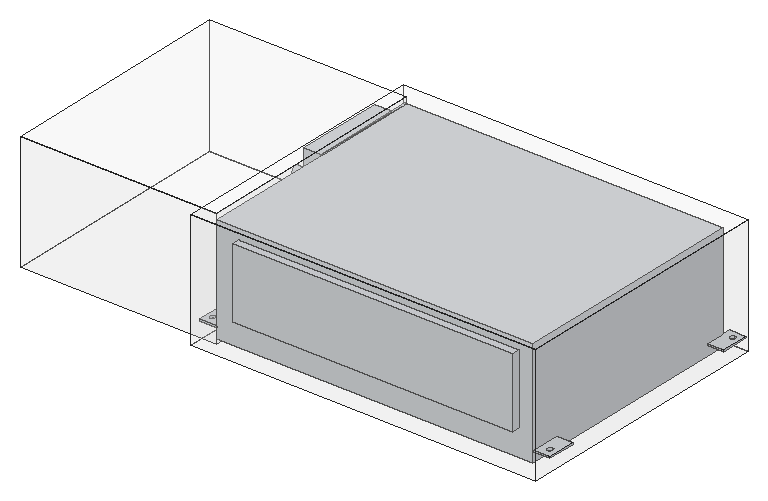
Revit family "pefy-mp140_280m-f_60Hz", category 機械設備, Revit 2019
Family settings
  丸型コネクタ寸法 = 直径を使用
  パーツ タイプ = 標準
  OmniClass 番号 = 23.75.10.24.21.27.27
  OmniClass タイトル = Split System Air Conditioning Units
  作業面ベース = いいえ
  常に垂直 = はい
  ロード時にボイドで切り取り = いいえ
  共有 = いいえ
  部屋計算ポイント = はい
Parameters (values of type "PEFY-MP140M-F")
  風量（弱）（m3／min） = 14
  風量（m3／min） = 18
  風量 = MAX風量  # 1080.0 m³/h
  音響パワーレベル（弱）(dB) = 61
  音響パワーレベル(dB) = 68
  電源種別 = ""
  電源_H = 0 mm
  電圧_電気ヒーター = 0 V
  電圧 = 200 V
  電動機出力_送風機 = 0.244 kW
  運転質量 = 0.00 kg
  連動 = ""
  質量 = if(製品質量 > 運転質量, 製品質量, 運転質量) * 1.2  # 58.80 kg
  負荷分類 = 3_ファン類
  説明 = "ビル用マルチエアコン　天井埋込形オールフレッシュ　室内機"
  設計暖房能力 = 0.00 kW
  設計冷房能力_顕熱 = 0 kW
  設計冷房能力 = 0 kW
  設置方法 = "天井吊（隠ぺい）形"
  記号 = ""
  製造元 = "三菱電機株式会社"
  製品質量 = 49.00 kg
  製品出荷対象 = "国内"
  製品リリース年月 = "2025/7/31"
  製品グループ = ""
  系統 = ""
  符号 = "ACP_CID"
  積算_科目 = "1 空気調和設備"
  積算_拾い区分 [instance] = ""
  相_電気ヒーター = 1
  相 = 1
  盤記号 = ""
  発停方法 = "付属スイッチ"
  特殊仕様 = ""
  点検口離隔 [instance] = if(点検口離隔入力値 > 200 mm, 200 mm, if(点検口離隔入力値 < 150 mm, 150 mm, 点検口離隔入力値))  # 150 mm
  点検口離隔入力値 [instance] = 150 mm
  点検口設置範囲 = 700 mm
  点検口位置 = 200 mm
  点検口 = yes
  火災停止 = ""
  消費電力_電気ヒーター = 0.00 kW
  消費電力_暖房 = 0.12 kW
  消費電力_加湿器 = 0.00 kW
  消費電力_冷房 = 0.14 kW
  消費電力 = if(消費電力_冷房 > 消費電力_暖房, 消費電力_冷房, 消費電力_暖房) + 消費電力_加湿器 + 消費電力_電気ヒーター  # 0.14 kW
  法定耐用年数 = "15"
  機外静圧 = 130.0 Pa
  極数 = 2
  材質 = ""
  本体マテリアル = none
  有効加湿量 = 0
  暖房能力 = 8.90 kW
  形式_加湿器 = ""
  形式 = "天井吊（隠ぺい）形（両ダクト形）"
  幹線記号 = ""
  始動方式 = "直入"
  呼称 = "室内機_天井吊（隠ぺい）形（両ダクト形）"
  周波数 = 60 Hz
  吊り幅 = if(Depth = 900 mm, 60 mm, 60 mm)  # 60 mm
  吊り位置Y = 814 mm
  吊り位置X = 1204 mm
  吊りボルト_H = 41 mm  # constant formula
  台数_手元リモコン = ""
  台数_冷媒分岐ユニット = ""
  参照している仕様書等のバージョン = "公共建築工事標準仕様書（機械設備工事編）平成31年度版"
  加湿給水管径 = 0.00 mm
  分類コード = "50053003221070"
  分類グループ = ""
  冷房能力 = 14 kW
  冷媒高低圧ガス管径 = 0.00 mm
  冷媒管径符号 = "Bd"
  冷媒管径 = 100.00 mm
  冷媒液管径 = 9.52 mm
  冷媒液管_縦 = 58 mm
  冷媒液管_横 = 69 mm
  冷媒ガス管径 = 15.88 mm
  冷媒ガス管_縦 = 143 mm
  冷媒ガス管_横 = 186 mm
  企業コード = "108420"
  付属品_フィルター = ""
  付属品 = ""
  仕様書バージョン = "Version1.0"
  モデル = "PEFY-MP140M-F"
  ドレン管径 = 32.00 mm
  ドレン管_縦 = 327 mm
  ドレン管_横 = 431 mm
  サービススペース = yes
  コメント [instance] = ""
  ケーブル種類 = ""
  ケーブルサイズ = 0 mm
  Width = 1195 mm
  Version = ""
  Uniclass2015Version = "Systems v1.9"
  Uniclass2015Title = "Split coil remote air cooled condensing units"
  Uniclass2015Code = "Pr_70_65_03_84"
  URL = "https://www.mitsubishielectric.co.jp/ldg/wink/qr/002/341455/"
  SpecificationReference = ""
  SpecificationDescription = ""
  S_H = Height + 20 mm  # 400 mm
  SAサイズ_W = 1000 mm
  SAサイズ_D = 250 mm
  Revision = ""
  RAサイズ_W = 1050 mm
  RAサイズ_D = 340 mm
  ProductInformation = ""
  OmniClassCode = "23-33 17 13 11"
  MIN風量 = 風量（弱）（m3／min） * 60.0 m³/h  # 840.0 m³/h
  MAX風量 = 風量（m3／min） * 60.0 m³/h  # 1080.0 m³/h
  IfcTypeProduct = ""
  IfcProduct = ""
  IfcExportType = "AIRCONDITIONINGUNIT"
  IfcExportAs = "IfcUnitaryEquipmentType"
  Height = 380 mm
  Depth = 900 mm
  Clearance Top = 20 mm  # constant formula
  Clearance Right = 50 mm  # constant formula
  Clearance Left = if(Width = 1195 mm, 1180 mm, 1300 mm)  # 1180 mm
  Clearance Front = if(Depth = 900 mm, 897 mm, 1117 mm)  # 897 mm
  Clearance Bottom = 20 mm  # constant formula
  Clearance Back = 50 mm  # constant formula
  Author = "三菱電機株式会社"
Types (3, lengths in mm): name | 風量（弱）（m3／min） | 風量（m3／min） | 風量 | 音響パワーレベル（弱）(dB) | 音響パワーレベル(dB) | 電動機出力_送風機 | 質量 | 製品質量 | 点検口設置範囲 | 点検口位置 | 消費電力_暖房 | 消費電力_冷房 | 消費電力 | 暖房能力 | 吊り位置Y | 吊り位置X | 冷房能力 | 冷媒管径符号 | 冷媒液管_縦 | 冷媒液管_横 | 冷媒ガス管径 | 冷媒ガス管_縦 | 冷媒ガス管_横 | モデル | ドレン管_横 | Width | URL | S_H | SAサイズ_W | SAサイズ_D | RAサイズ_W | RAサイズ_D | MIN風量 | MAX風量 | Height | Depth | Clearance Left | Clearance Front
  PEFY-MP140M-F | 14 | 18 | 1080.0 m³/h | 61 | 68 | 0.244 kW | 58.80 kg | 49.00 kg | 700 | 200 | 0.12 kW | 0.14 kW | 0.14 kW | 8.90 kW | 814 | 1204 | 14 kW | "Bd" | 58 | 69 | 15.88 | 143 | 186 | "PEFY-MP140M-F" | 431 | 1195 | "https://www.mitsubishielectric.co.jp/ldg/wink/qr/002/341455/" | 400 | 1000 | 250 | 1050 | 340 | 840.0 m³/h | 1080.0 m³/h | 380 | 900 | 1180 | 897
  PEFY-MP280M-F | 28 | 35 | 2100.0 m³/h | 66 | 71 | 0.375 kW | 97.20 kg | 81.00 kg | 800 | 300 | 0.25 kW | 0.28 kW | 0.28 kW | 17.40 kW | 1034 | 1324 | 28 kW | "Bf" | 44 | 95 | 22.20 | 164 | 249 | "PEFY-MP280M-F" | 489 | 1250 | "https://www.mitsubishielectric.co.jp/ldg/wink/qr/002/341457/" | 490 | 1100 | 340 | 1100 | 420 | 1680.0 m³/h | 2100.0 m³/h | 470 | 1120 | 1300 | 1117
  PEFY-MP224M-F | 22.5 | 28 | 1680.0 m³/h | 62 | 67 | 0.375 kW | 93.60 kg | 78.00 kg | 800 | 300 | 0.10 kW | 0.12 kW | 0.12 kW | 13.90 kW | 1034 | 1324 | 22.4 kW | "Be" | 44 | 95 | 19.10 | 164 | 249 | "PEFY-MP224M-F" | 489 | 1250 | "https://www.mitsubishielectric.co.jp/ldg/wink/qr/002/341456/" | 490 | 1100 | 340 | 1100 | 420 | 1350.0 m³/h | 1680.0 m³/h | 470 | 1120 | 1300 | 1117
Reference planes
  plane 1 "中心(正面/背面)": y = -138.467
  plane 2: z = 0
  plane 3 "中心(左/右)": x = 140.396
  plane 4: z = 380
  plane 5: z = 400
  plane 6: x = 742.396
  plane 7: x = -461.604
  plane 8: y = -528.467
  plane 9: y = 285.533
  plane 10: y = -588.467
  plane 11: y = 311.533
  plane 12: x = 705.396
  plane 13: x = -489.604
  plane 14: z = -20
  plane 15: x = 765.396
  plane 16: y = -559.467
  plane 17: y = 287.533
  plane 18: y = -135.967
  plane 19: y = -362.467
  plane 20: y = 87.533
  plane 21: x = -424.604
  plane 22: x = -574.604
  plane 23: x = -1124.604
  plane 24: z = 400
  plane 25: x = -474.604
  plane 26: y = -609.467
  plane 27: x = 755.396
  plane 28: y = 337.533
  plane 29: x = -1024.604
Lines and regions (mm)
  symbolic lines, detail levels coarse+medium
    curve 1: line (705.396, 287.533, 0) -> (-424.604, 287.533, 0)
    curve 2: line (705.396, -559.467, 0) -> (705.396, 287.533, 0)
    curve 3: line (-424.604, -559.467, 0) -> (705.396, -559.467, 0)
    curve 4: line (-424.604, 287.533, 0) -> (-424.604, -559.467, 0)
Dimensions and locks
  "S_H": plane 5 to level
  "吊り位置X": plane 6 to plane 7
  "吊り位置Y": plane 9 to plane 8
  equal spacing: plane 11, plane 1 "中心(正面/背面)", plane 10
  "Depth": plane 11 to plane 10
  "Width": plane 12 to plane 13
  "Clearance Bottom": level to plane 14
  locked: plane 8 to plane 10 at 60
  "吊り幅": plane 15 to plane 12
  locked: plane 15 to plane 6 at 23
  "Height": plane 4 to level
  locked: plane 11 to plane 17 at 24
  locked: plane 16 to plane 10 at 29
  locked: plane 20 to plane 19 at 450
  equal spacing: plane 17, plane 18, plane 16
  plane 21 to plane 7 = 37 mm
  "点検口離隔": plane 21 to plane 22
  "点検口設置範囲": plane 21 to plane 23
  "Clearance Top": plane 24 to plane 4
  "Clearance Back": plane 16 to plane 26
  "Clearance Right": plane 21 to plane 25
  "Clearance Front": plane 28 to plane 16
  "Clearance Left": plane 27 to plane 21
  "点検口位置": plane 17 to plane 20
  equal spacing: plane 6, plane 3 "中心(左/右)", plane 7
  equal spacing: plane 12, plane 3 "中心(左/右)", plane 21
  locked: plane 29 to plane 22 at 450
  plane 13 to plane 21 = 65 mm
  plane 24 to plane 4 to level to plane 14 = 20 mm, 380 mm, 20 mm
  aligned and locked: level to plane 2
  aligned and locked: nested 3 to plane 6
  aligned and locked: nested 3 to plane 7
  aligned and locked: plane 8 to nested 3
  aligned and locked: nested 3 to plane 9
  aligned and locked: nested 4 to plane 3 "中心(左/右)"
  aligned and locked: plane 1 "中心(正面/背面)" to nested 4
  aligned and locked: plane 19 to nested 2
  aligned and locked: plane 20 to nested 2
  aligned and locked: nested 2 to plane 22
  aligned and locked: plane 24 to nested 1
  aligned and locked: plane 24 to nested 5
  aligned and locked: plane 14 to nested 1
  aligned and locked: plane 14 to nested 5
  aligned and locked: nested 1 to plane 16
  aligned and locked: nested 1 to plane 17
  aligned and locked: nested 1 to plane 23
  aligned and locked: nested 1 to plane 21
  aligned and locked: nested 5 to plane 26
  aligned and locked: nested 5 to plane 28
  aligned and locked: nested 5 to plane 25
  aligned and locked: nested 5 to plane 27
  aligned and locked: curve 2 to nested 4
  aligned and locked: nested 1 to curve 4
  aligned and locked: plane 29 to nested 2
Automatic sketch dimensions
  curve 2 to plane 17 = 0 mm
  curve 3 to plane 16 = 0 mm
Nested families
  nested 1: "サービススペース" at (-774.604, -135.967, 190) x (-1, 0, 0) z (0, 0, 1), visible <- "サービススペース", type "サービススペース"
    with Width 700 mm, Height 420 mm, Depth 847 mm
  nested 2: "点検口設置範囲" at (-799.604, -137.467, 0) x (-1, 0, 0) z (0, 0, 1), visible <- "点検口", type "点検口設置範囲"
    with Width 450 mm, Depth 450 mm
  nested 3: "固定点" at (742.396, 285.533, 0) x (-1, 0, 0) z (0, 0, 1), type "固定点"
    with W 1204 mm, D 814 mm
  nested 4: "PEFY-MP_M-F" at (312.896, -138.467, 0) x (0, -1, 0) z (0, 0, 1), type "PEFY-MP_M-F"
    with 制御ボクス yes, ユニット表示 yes
  nested 5: "サービススペース" at (140.396, -135.967, 190) x (-1, 0, 0) z (0, 0, 1), visible <- "サービススペース", type "サービススペース"
    with Width 1230 mm, Height 420 mm, Depth 947 mm
Connectors
  hvac at (155.396, -588.467, 219), driven by "SAサイズ_D", driven by "SAサイズ_W", driven by "機外静圧", driven by "風量"
    settings: on nested 4, index 1, duct flow 1080.0 m³/h, flow factor 0, pres drop 130.0 Pa, loss coef 0, conn angle 0.00°, conn width 1000 mm, conn height 250 mm, conn diameter 609.6 mm, duct sys type 29, conn prof type 1, flow config 0, flow direction 2, loss method 4, conn ref index -1, conn util no, is conn primary yes, conn desc "SA"
  hvac at (140.396, 311.533, 186), driven by "RAサイズ_D", driven by "RAサイズ_W", driven by "風量"
    settings: on nested 4, index 2, duct flow 1080.0 m³/h, flow factor 0, pres drop 0.0 Pa, loss coef 0, conn angle 0.00°, conn width 1050 mm, conn height 340 mm, conn diameter 609.6 mm, duct sys type 29, conn prof type 1, flow config 0, flow direction 1, loss method 4, conn ref index -1, conn util no, is conn primary no, conn desc "RA"
  piping at (-501.604, -338.967, 172), diameter 100, driven by "冷媒管径", driven by "冷媒管径符号"
    settings: on nested 4, index 3, connector inside diameter 609.60 mm, connector length 0 mm, flow factor 0, pipe flow 0.0 L/s, pressure drop 0.0 Pa, fitting loss kfactor 0, connector angle 0.00°, fixture units 0, engagement length 0 mm, angle of deflection 0.00°, flow configuration 1, flow direction 1, fitting loss method 4, system type 7, joint type 0, gender type 0, connector reference index -1, connector utility 0, adjustable connector no, is connector primary yes, connector description "Bd"
  piping at (-486.604, -128.467, 327), diameter 32, driven by "ドレン管径"
    settings: on nested 4, index 4, connector inside diameter 609.60 mm, connector length 0 mm, flow factor 0, pipe flow 0.0 L/s, pressure drop 0.0 Pa, fitting loss kfactor 0, connector angle 0.00°, fixture units 0, engagement length 0 mm, angle of deflection 0.00°, flow configuration 1, flow direction 2, fitting loss method 4, system type 16, joint type 0, gender type 0, connector reference index -1, connector utility 0, adjustable connector no, is connector primary no, connector description ""
  electrical at (-434.604, 117.533, 60), driven by "極数", driven by "負荷分類", driven by "電圧", driven by "消費電力"
    settings: on nested 4, index 5, voltage 200 V, apparent load 140 VA, apparent load phase1 0 VA, apparent load phase2 0 VA, apparent load phase3 0 VA, power factor 1, load classification "3_ファン類", number of poles 2, system type 30, power factor state 1, is connector primary yes, connector utility no, sub classification motor no, connector description ""
  piping at (-444.604, -215.467, 30), diameter 32, driven by "ドレン管径"
    settings: on nested 4, index 6, connector inside diameter 609.60 mm, connector length 0 mm, flow factor 0, pipe flow 0.0 L/s, pressure drop 0.0 Pa, fitting loss kfactor 0, connector angle 0.00°, fixture units 0, engagement length 0 mm, angle of deflection 0.00°, flow configuration 1, flow direction 2, fitting loss method 4, system type 16, joint type 0, gender type 0, connector reference index -1, connector utility 0, adjustable connector no, is connector primary no, connector description ""
Definition of nested family "サービススペース"
  Parameters (values of type "サービススペース")
    Width [instance] = 500 mm
    Height [instance] = 500 mm
    Depth [instance] = 500 mm
  Reference planes
    plane 1 "中心(正面/背面)": y = 0
    plane 2: z = 0
    plane 3 "中心(左/右)": x = 0
    plane 4: y = -250
    plane 5: x = 250
    plane 6: y = 250
    plane 7: x = -250
    plane 8: z = 250
    plane 9: z = -250
  Forms (mm)
    Extrusion 1, solid
      sketch origin (-638.939, 0, 72.39) x (1, 0, 0) y (0, 1, 0)
        loop
          line (388.939, 250) -> (388.939, -250) -> (888.939, -250) -> (888.939, 250) -> (388.939, 250)
      from -322.39 to 177.61
  Lines and regions (mm)
    symbolic lines
      curve 1: line (-250, 0, 250) -> (250, 0, 250)
      curve 2: line (-250, 0, -250) -> (-250, 0, 250)
      curve 3: line (250, 0, -250) -> (-250, 0, -250)
      curve 4: line (250, 0, 250) -> (250, 0, -250)
      curve 5: line (0, -250, 250) -> (0, 250, 250)
      curve 6: line (0, -250, -250) -> (0, -250, 250)
      curve 7: line (0, 250, -250) -> (0, -250, -250)
      curve 8: line (0, 250, 250) -> (0, 250, -250)
      curve 9: line (-250, 250, 0) -> (250, 250, 0)
      curve 10: line (-250, -250, 0) -> (-250, 250, 0)
      curve 11: line (250, -250, 0) -> (-250, -250, 0)
      curve 12: line (250, 250, 0) -> (250, -250, 0)
  Dimensions and locks
    equal spacing: plane 7, plane 3 "中心(左/右)", plane 5
    equal spacing: plane 4, plane 1 "中心(正面/背面)", plane 6
    "Depth": plane 4 to plane 6
    "Width": plane 7 to plane 5
    equal spacing: plane 8, plane 2, plane 9
    "Height": plane 8 to plane 9
    aligned and locked: plane 9 to curve 3
    aligned and locked: plane 7 to curve 2
    aligned and locked: curve 4 to plane 5
    aligned and locked: plane 5 to Extrusion 1
    aligned and locked: Extrusion 1 to plane 7
    aligned and locked: Extrusion 1 to plane 9
    aligned and locked: plane 8 to Extrusion 1
    aligned and locked: plane 9 to curve 7
  Automatic sketch dimensions
    plane 4 to Extrusion 1 sketch curve = 0 mm
    Extrusion 1 sketch curve to plane 7 = 0 mm
    Extrusion 1 sketch curve to plane 5 = 0 mm
    plane 6 to Extrusion 1 sketch curve = 0 mm
    curve 2 to plane 8 = 0 mm
    plane 4 to curve 11 = 0 mm
    curve 11 to plane 7 = 0 mm
    curve 11 to plane 5 = 0 mm
    plane 6 to curve 10 = 0 mm
    curve 7 to plane 4 = 0 mm
    curve 7 to plane 6 = 0 mm
    curve 6 to plane 8 = 0 mm
Definition of nested family "PEFY-MP_M-F"
  Parameters (values of type "PEFY-MP_M-F")
    配線取出口サイズ = 36 mm
    配線取出口-Z = 60 mm  # constant formula
    配線取出口-Y = 10 mm  # constant formula
    配線取出口-X = 50 mm  # constant formula
    制御ボクス [instance] = and(ユニット表示, 幅さ = 900 mm)  # yes
    冷媒液配管サイズ = 9.52 mm
    冷媒液管長さ = if(幅さ = 900 mm, 66 mm, 100 mm)  # 66 mm
    冷媒ガス管長さ = if(幅さ = 900 mm, 77 mm, 100 mm)  # 77 mm
    ドレン管径_自然-X = if(幅さ = 900 mm, 344 mm, 424 mm)  # 344 mm
    y = if(幅さ = 900 mm, 65 mm, 0 mm)  # 65 mm
    e = if(幅さ = 900 mm, 80 mm, 100 mm)  # 80 mm
    d = if(幅さ = 900 mm, 40 mm, 102 mm)  # 40 mm
    R2 = 250 mm
    R1 = if(幅さ = 900 mm, 94 mm, 105 mm)  # 94 mm
    L2 = 340 mm
    L1 = if(幅さ = 900 mm, 16 mm, 20 mm)  # 16 mm
    E = 1000 mm
    C = 1130 mm
    A = if(奥行き = 1195 mm, 1250 mm, 1370 mm)  # 1250 mm
    高さ = 380 mm
    奥行き = 1195 mm
    吊りボルト_H = 167 mm
    冷媒配管 = 100 mm
    冷媒液管径-Z = 58 mm
    冷媒液管径-X = 69 mm
    冷媒ガス管径-Z = 143 mm
    冷媒ガス管径-X = 186 mm
    ユニット表示 [instance] = yes
    吊りボルトピッチ = 814 mm
    ドレン配管サイズ = 32 mm
    ドレン管径-Z = 327 mm
    ドレン管径-Y = 10 mm  # constant formula
    ドレン管径-X = 431 mm
    冷媒ガス配管サイズ = 15.88 mm
    D = 1050 mm
    幅さ = 900 mm
    B = 1204 mm
  Reference planes
    plane 1 "中心(正面/背面)": y = -172.5
    plane 2: z = 0
    plane 3 "中心(左/右)": x = 0
    plane 4: z = 380
    plane 5: z = -20
    plane 6: x = -450
    plane 7: x = 450
    plane 8: y = -797.5
    plane 9: z = 400
    plane 10: y = 392.5
    plane 11: y = -737.5
    plane 12: x = -426
    plane 13: x = 421
    plane 14: z = 41
    plane 15: z = 36
    plane 16: y = 342.5
    plane 17: y = -657.5
    plane 18: y = 352.5
    plane 19: y = -697.5
    plane 20: y = 429.5
    plane 21: z = 356
    plane 22: z = 16
    plane 23: z = 94
    plane 24: z = 344
    plane 25: y = -802.5
    plane 26: x = -366
    plane 27: x = -306
    plane 28: z = 120
    plane 29: z = 170
    plane 30: y = -742.5
    plane 31: x = -454
    plane 32: x = 390
    plane 33: x = -424
    plane 34: x = -354
    plane 35: x = 321
    plane 36: y = 452.5
    plane 37: y = -774.5
    plane 38: y = -802.5
    plane 39: x = 235
    plane 40: z = 143
    plane 41: x = 166
    plane 42: z = 201
    plane 43: x = 200.5
    plane 44: z = 172
    plane 45: x = -10
    plane 46: x = -50
    plane 47: z = 327
    plane 48: x = -256
    plane 49: z = 60
    plane 50: z = 30
    plane 51: x = 77
    plane 52: y = -814.5
    plane 53: y = -803.5
  Forms (mm)
    Extrusion 1, solid, visible <- "ユニット表示", detail levels fine
      sketch origin (0, 0, 0) x (1, 0, 0) y (0, 1, 0)
        loop
          line (-426, 392.5) -> (-426, -737.5) -> (421, -737.5) -> (421, 392.5) -> (-426, 392.5)
      from 0 to 380
    Extrusion 2, solid, visible <- "ユニット表示", detail levels fine
      sketch origin (0, 0, 0) x (1, 0, 0) y (0, 1, 0)
        loop
          line (-450, 352.5) -> (-450, -697.5) -> (-426, -697.5) -> (-426, 352.5) -> (-450, 352.5)
      from 16 to 356
    Extrusion 3, solid, visible <- "ユニット表示", detail levels fine
      sketch origin (0, 0, 0) x (1, 0, 0) y (0, 1, 0)
        loop
          line (450, 342.5) -> (421, 342.5) -> (421, -657.5) -> (450, -657.5) -> (450, 342.5)
      from 94 to 344
    Extrusion 4, solid, visible <- "ユニット表示", detail levels fine
      sketch origin (1480.036, -737.5, 1200) x (1, 0, 0) y (0, 0, 1)
        loop
          line (-1906.036, -820) -> (-1906.036, -1080) -> (-1786.036, -1200) -> (-1530.036, -1200) -> (-1530.036, -820) -> (-1906.036, -820)
      from 0 to 5
    Extrusion 5, solid, visible <- "制御ボクス", detail levels fine
      sketch origin (1480.036, -742.5, 1200) x (1, 0, 0) y (0, 0, 1)
        loop
          line (-1786.036, -1030) -> (-1786.036, -1184) -> (-1530.036, -1184) -> (-1530.036, -820) -> (-1846.036, -820) -> (-1846.036, -1030) -> (-1786.036, -1030)
      from 0 to 60
    Extrusion 6, solid, visible <- "ユニット表示", detail levels fine
      sketch origin (-1437.329, -1524, 36) x (-1, 0, 0) y (0, -1, 0)
        loop
          line (-1083.329, -1976.5) -> (-983.329, -1976.5) -> (-983.329, -1916.5) -> (-1083.329, -1916.5) -> (-1083.329, -1976.5)
        loop
          line (-1758.329, -1976.5) -> (-1758.329, -1916.5) -> (-1858.329, -1916.5) -> (-1858.329, -1976.5) -> (-1758.329, -1976.5)
        loop
          line (-1758.329, -726.5) -> (-1858.329, -726.5) -> (-1858.329, -786.5) -> (-1758.329, -786.5) -> (-1758.329, -726.5)
        loop
          line (-983.329, -786.5) -> (-983.329, -726.5) -> (-1083.329, -726.5) -> (-1083.329, -786.5) -> (-983.329, -786.5)
        loop
          circle (-1013.329, -1953.5) r 10
        loop
          circle (-1827.329, -1953.5) r 10
        loop
          circle (-1827.329, -749.5) r 10
        loop
          circle (-1013.329, -749.5) r 10
      from 0 to 5
    Extrusion 7, solid, visible <- "ユニット表示", detail levels fine
      sketch origin (1480.036, -737.5, 1200) x (1, 0, 0) y (0, 0, 1)
        loop
          circle (-1245.036, -1057) r 7.94
      from 0 to 77
    Extrusion 8, solid, visible <- "ユニット表示", detail levels fine
      sketch origin (1480.036, -737.5, 1200) x (1, 0, 0) y (0, 0, 1)
        loop
          circle (-1314.036, -999) r 4.76
      from 0 to 66
    Extrusion 9, solid, visible <- "ユニット表示", detail levels fine
      sketch origin (1480.036, -737.5, 1200) x (1, 0, 0) y (0, 0, 1)
        loop
          circle (-1279.536, -1028) r 50
      from 0 to 77 <- "冷媒ガス管長さ"
    Extrusion 10, solid, visible <- "ユニット表示", detail levels fine
      sketch origin (1480.036, -737.5, 1200) x (1, 0, 0) y (0, 0, 1)
        loop
          circle (-1490.036, -873) r 16
      from 0 to 62
    Extrusion 11, solid, visible <- "ユニット表示", detail levels fine
      sketch origin (1480.036, -737.5, 1200) x (1, 0, 0) y (0, 0, 1)
        loop
          circle (-1736.036, -1140) r 18
      from 0 to 10
    Extrusion 12, solid, detail levels coarse+medium
      sketch origin (-1437.329, -1524, 36) x (-1, 0, 0) y (0, -1, 0)
        loop
          line (-1858.329, -1916.5) -> (-1011.329, -1916.5) -> (-1011.329, -786.5) -> (-1858.329, -786.5) -> (-1858.329, -1916.5)
      from -36 to 344
    Extrusion 13, solid, detail levels fine
      sketch origin (1480.036, -737.5, 1200) x (1, 0, 0) y (0, 0, 1)
        loop
          circle (-1403.036, -1170) r 16
      from 0 to 20
  Dimensions and locks
    locked: level to plane 5 at 20
    equal spacing: plane 6, plane 3 "中心(左/右)", plane 7
    "幅さ": plane 6 to plane 7
    locked: plane 9 to plane 4 at 20
    "高さ": plane 4 to level
    locked: plane 6 to plane 12 at 24
    locked: plane 13 to plane 7 at 29
    locked: plane 14 to level at 41
    locked: plane 14 to plane 15 at 5
    "D": plane 19 to plane 18
    "E": plane 17 to plane 16
    "L1": plane 22 to level
    "R2": plane 24 to plane 23
    "R1": plane 23 to level
    "L2": plane 21 to plane 22
    "e": plane 11 to plane 17
    "d": plane 11 to plane 19
    "奥行き": plane 25 to plane 10
    plane 12 to plane 26 to plane 27 = 60 mm locked, 60 mm locked
    locked: plane 28 to level at 120
    locked: plane 29 to plane 28 at 50
    locked: plane 30 to plane 11 at 5
    locked: plane 31 to plane 6 at 4
    locked: plane 32 to plane 7 at 60
    "吊りボルトピッチ": plane 33 to plane 32
    locked: plane 31 to plane 34 at 100
    locked: plane 35 to plane 13 at 100
    "y": plane 25 to plane 11
    "B": plane 37 to plane 20
    plane 8 to plane 37 = 23 mm
    locked: plane 38 to plane 30 at 60
    "冷媒ガス管径-Z": plane 40 to level
    "冷媒ガス管径-X": plane 39 to plane 13
    "冷媒液管径-X": plane 41 to plane 39
    "冷媒液管径-Z": plane 42 to plane 40
    equal spacing: plane 42, plane 44, plane 40
    equal spacing: plane 41, plane 43, plane 39
    "ドレン管径-X": plane 45 to plane 13
    locked: plane 46 to plane 3 "中心(左/右)" at 50
    "ドレン管径-Z": plane 47 to level
    locked: plane 27 to plane 48 at 50
    "配線取出口-Z": plane 49 to level
    "A": plane 8 to plane 36
    equal spacing: plane 11, plane 1 "中心(正面/背面)", plane 10
    equal spacing: plane 8, plane 1 "中心(正面/背面)", plane 36
    equal spacing: plane 37, plane 1 "中心(正面/背面)", plane 20
    plane 50 to Extrusion 12 = 30 mm
    "ドレン管径_自然-X": plane 13 to Extrusion 13 sketch curve
    "冷媒液管長さ": plane 53 to plane 11
    "冷媒ガス管長さ": plane 52 to plane 11
    diameter of Extrusion 6 sketch curve = 20 mm  (x4)
    "冷媒ガス配管サイズ": diameter of Extrusion 7 sketch curve
    "冷媒液配管サイズ": diameter of Extrusion 8 sketch curve
    "冷媒配管": diameter of Extrusion 9 sketch curve
    "ドレン配管サイズ": diameter of Extrusion 10 sketch curve
    "配線取出口サイズ": diameter of Extrusion 11 sketch curve
    diameter of Extrusion 13 sketch curve = 32 mm
    aligned and locked: level to plane 2
    aligned and locked: plane 10 to Extrusion 1 sketch curve
    aligned and locked: plane 12 to Extrusion 1 sketch curve
    aligned and locked: Extrusion 1 sketch curve to plane 11
    aligned and locked: Extrusion 1 sketch curve to plane 13
    aligned and locked: Extrusion 1 to level
    aligned and locked: plane 4 to Extrusion 1
    aligned and locked: plane 18 to Extrusion 2 sketch curve
    aligned and locked: Extrusion 2 sketch curve to plane 19
    aligned and locked: Extrusion 2 sketch curve to plane 12
    aligned and locked: plane 6 to Extrusion 2 sketch curve
    aligned and locked: Extrusion 2 to plane 22
    aligned and locked: plane 21 to Extrusion 2
    aligned and locked: Extrusion 3 sketch curve to plane 16
    aligned and locked: plane 17 to Extrusion 3 sketch curve
    aligned and locked: Extrusion 3 sketch curve to plane 13
    aligned and locked: plane 7 to Extrusion 3 sketch curve
    aligned and locked: Extrusion 3 to plane 23
    aligned and locked: plane 24 to Extrusion 3
    aligned and locked: Extrusion 4 sketch curve to plane 4
    aligned and locked: Extrusion 4 sketch curve to plane 12
    aligned and locked: Extrusion 4 sketch curve to level
    aligned and locked: Extrusion 4 to plane 11
    aligned and locked: plane 30 to Extrusion 4
    aligned and locked: Extrusion 5 sketch curve to plane 27
    aligned and locked: Extrusion 5 sketch curve to plane 29
    aligned and locked: Extrusion 5 sketch curve to plane 26
    aligned and locked: Extrusion 5 sketch curve to plane 4
    aligned and locked: Extrusion 5 sketch curve to plane 22
    aligned and locked: Extrusion 5 to plane 30
    aligned and locked: Extrusion 6 sketch curve to plane 36
    aligned and locked: plane 34 to Extrusion 6 sketch curve
    aligned and locked: plane 10 to Extrusion 6 sketch curve
    aligned and locked: Extrusion 6 sketch curve to plane 31
    aligned and locked: plane 36 to Extrusion 6 sketch curve
    aligned and locked: plane 35 to Extrusion 6 sketch curve
    aligned and locked: Extrusion 6 sketch curve to Extrusion 1  (x4)
    aligned and locked: plane 8 to Extrusion 6 sketch curve
    aligned and locked: Extrusion 6 sketch curve to plane 35
    aligned and locked: plane 11 to Extrusion 6 sketch curve
    aligned and locked: plane 31 to Extrusion 6 sketch curve
    aligned and locked: Extrusion 6 sketch curve to plane 8
    aligned and locked: Extrusion 6 sketch curve to plane 34
    aligned and locked: plane 37 to Extrusion 6 sketch curve  (x2)
    aligned and locked: plane 33 to Extrusion 6 sketch curve  (x2)
    aligned and locked: plane 32 to Extrusion 6 sketch curve  (x2)
    aligned and locked: plane 20 to Extrusion 6 sketch curve  (x2)
    aligned and locked: Extrusion 6 to plane 15
    aligned and locked: plane 14 to Extrusion 6
    aligned and locked: plane 38 to Extrusion 5
    aligned and locked: plane 40 to Extrusion 7 sketch curve
    aligned and locked: plane 39 to Extrusion 7 sketch curve
    aligned and locked: Extrusion 7 to plane 11
    aligned and locked: plane 42 to Extrusion 8 sketch curve
    aligned and locked: plane 41 to Extrusion 8 sketch curve
    aligned and locked: Extrusion 8 to plane 11
    aligned and locked: Extrusion 9 to plane 11
    aligned and locked: Extrusion 5 sketch curve to plane 46
    aligned and locked: Extrusion 4 sketch curve to plane 46
    aligned and locked: plane 47 to Extrusion 10 sketch curve
    aligned and locked: plane 45 to Extrusion 10 sketch curve
    aligned and locked: Extrusion 10 to plane 11
    aligned and locked: plane 49 to Extrusion 11 sketch curve
    aligned and locked: plane 48 to Extrusion 11 sketch curve
    aligned and locked: Extrusion 11 to plane 11
    aligned and locked: plane 44 to Extrusion 9 sketch curve
    aligned and locked: plane 43 to Extrusion 9 sketch curve
    aligned and locked: Extrusion 12 sketch curve to Extrusion 1  (x4)
    aligned and locked: Extrusion 12 to Extrusion 1  (x2)
    aligned and locked: plane 52 to Extrusion 7
    aligned and locked: plane 53 to Extrusion 8
  Automatic sketch dimensions
    Extrusion 4 sketch curve to plane 27 = 0 mm
    Extrusion 4 sketch curve to plane 28 = 0 mm
    Extrusion 13 sketch curve to plane 50 = 0 mm
Definition of nested family "点検口設置範囲"
  Parameters (values of type "点検口設置範囲")
    Width [instance] = 1000 mm
    Depth [instance] = 700 mm
  Reference planes
    plane 1 "中心(正面/背面)": y = 0
    plane 2: z = 0
    plane 3 "中心(左/右)": x = 0
    plane 4: x = -500
    plane 5: x = 500
    plane 6: y = -350
    plane 7: y = 350
  Lines and regions (mm)
    model lines
      curve 1: line (-500, 350, 0) -> (500, 350, 0)
      curve 2: line (-500, -350, 0) -> (-500, 350, 0)
      curve 3: line (500, -350, 0) -> (-500, -350, 0)
      curve 4: line (500, 350, 0) -> (500, -350, 0)
  Dimensions and locks
    "Depth": plane 7 to plane 6
    "Width": plane 4 to plane 5
    equal spacing: plane 7, plane 1 "中心(正面/背面)", plane 6
    equal spacing: plane 4, plane 3 "中心(左/右)", plane 5
    aligned and locked: level to plane 2
    aligned and locked: plane 4 to curve 2
    aligned and locked: curve 1 to plane 7
    aligned and locked: curve 4 to plane 5
    aligned and locked: plane 6 to curve 3
Definition of nested family "固定点"
  Parameters (values of type "固定点")
    中心円 = 20 mm
    W [instance] = 1000 mm
    D [instance] = 1000 mm
  Reference planes
    plane 1 "中心(正面/背面)": y = 0
    plane 2: z = 0
    plane 3 "中心(左/右)": x = 0
    plane 4: x = 1000
    plane 5: y = 1000
  Lines and regions (mm)
    symbolic lines, detail levels fine
      curve 1: circle (0, 1000, 0) r 10 normal (0, 0, 1)
      curve 2: circle (0, 0, 0) r 10 normal (0, 0, 1)
      curve 3: circle (1000, 1000, 0) r 10 normal (0, 0, 1)
      curve 4: circle (1000, 0, 0) r 10 normal (0, 0, 1)
      curve 5: line (-200, 1000, 0) -> (1200, 1000, 0)
      curve 6: line (-200, 0, 0) -> (1200, 0, 0)
      curve 7: line (0, 1200, 0) -> (0, -200, 0)
      curve 8: line (1000, 1200, 0) -> (1000, -200, 0)
  Dimensions and locks
    "W": plane 3 "中心(左/右)" to plane 4
    "D": plane 1 "中心(正面/背面)" to plane 5
    "中心円": diameter of curve 1
    "中心円": diameter of curve 2
    "中心円": diameter of curve 3
    "中心円": diameter of curve 4
    aligned and locked: level to plane 2
    aligned and locked: plane 5 to curve 1
    aligned and locked: plane 3 "中心(左/右)" to curve 1
    aligned and locked: plane 3 "中心(左/右)" to curve 2
    aligned and locked: plane 1 "中心(正面/背面)" to curve 2
    aligned and locked: plane 4 to curve 3
    aligned and locked: plane 5 to curve 3
    aligned and locked: plane 1 "中心(正面/背面)" to curve 4
    aligned and locked: plane 4 to curve 4
    aligned and locked: plane 1 "中心(正面/背面)" to curve 6
    aligned and locked: curve 7 to plane 3 "中心(左/右)"
    aligned and locked: curve 8 to plane 4
  Automatic sketch dimensions
    curve 5 to plane 5 = 0 mm
    curve 6 to plane 3 "中心(左/右)" = 200 mm
    curve 5 to plane 3 "中心(左/右)" = 200 mm
    curve 4 to curve 6 = 200 mm
    curve 3 to curve 5 = 200 mm
    plane 1 "中心(正面/背面)" to curve 8 = 200 mm
    plane 1 "中心(正面/背面)" to curve 7 = 200 mm
    curve 3 to curve 8 = 200 mm
    curve 1 to curve 7 = 200 mm
